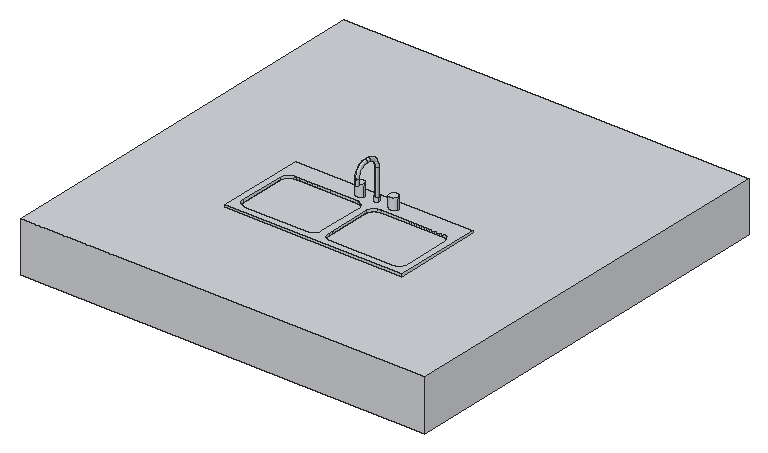
Revit family "06f654959f0248f48c4c020d814aede4", category Plumbing Fixtures, host Face, Revit 2021
Family settings
  Host = Face
  Round Connector Dimension = Use Radius
  Part Type = Normal
  OmniClass Number = 23.45.05.14.14
  OmniClass Title = Sinks/Lavatories
  Seek Item ID = Sink - Kitchen - Double-0000-USA-ENU
  Cut with Voids When Loaded = No
  Shared = No
  Room Calculation Point = No
Parameters (values of type "42"x21" - Public")
  Thickness = 0' - 0 1/4"
  Sink Width = 1' - 9"
  WFU = 2
  Sink Material = none
  Sanitary Radius = 3/4"
  Sink Length = 3' - 6"
  Hot Water Radius = 1/4"
  Hot Water Diameter = Hot Water Radius * 2  # 1/2"
  Half Sink Length = Sink Length / 2  # 1' - 9"
  HWFU = 3
  Flow Pressure [instance] = 8.00 psi
  Faucet Material = none
  Sanitary Diameter = Sanitary Radius * 2  # 1 1/2"
  Sink Depth = 0' - 8 1/8"
  Default Elevation = 0' - 0"
  Cold Water Radius = 1/4"
  Cold Water Diameter = Cold Water Radius * 2  # 1/2"
  CWFU = 3
  Assembly Code = ""
Types (2): name | HWFU | CWFU
  42"x21" - Private | 1 | 1
  42"x21" - Public | 3 | 3
Reference planes (in)
  plane 1 "Center (Front/Back)": y = 0
  plane 2: z = 0
  plane 3 "Center (Left/Right)": x = 0
  plane 4: x = -4
  plane 5: x = 4
  plane 6: y = -2.25
  plane 7: z = 10.375
  plane 8: z = -8.125
  plane 9: z = -8.5
  plane 10: y = -21
  plane 11: x = -21
  plane 12: x = 21
  plane 13: y = -2.25
  plane 14: y = -19.75
  plane 15: y = -19.5
  plane 16: y = -18
  plane 17: y = -4.25
  plane 18: y = -4.5
  plane 19: y = -12
  plane 20: x = -4
  plane 21: x = 4
  plane 22: y = -8.125
  plane 23: x = -19.75
  plane 24: x = 19.75
  plane 25: x = -0.5
  plane 26: x = 0.5
  plane 27: x = -0.75
  plane 28: x = 0.75
  plane 29: x = -2.25
  plane 30: x = 2.25
  plane 31: x = -19.5
  plane 32: x = -18
  plane 33: x = -10.125
  plane 34: x = 19.5
  plane 35: x = 18
  plane 36: x = 10.125
  plane 37: y = -6
Forms (in)
  Extrusion 1, solid
    sketch origin (0, 0, 0) x (1, 0, 0) y (0, 1, 0)
      loop
        line (-48, 48) -> (-48, -48) -> (48, -48) -> (48, 48) -> (-48, 48)
    from 0 to -12
  Extrusion 2, solid, material <- "Sink Material"
    sketch origin (-0.61769, -0.09234, -36) x (1, 0, 0) y (0, 1, 0)
      loop
        line (-20.38231, 0.09234) -> (-20.38231, -20.90766) -> (21.61769, -20.90766) -> (21.61769, 0.09234) -> (-20.38231, 0.09234)
      loop
        arc (-16.88231, -4.40766) -> (-18.29653, -4.99345) -> (-18.88231, -6.40766) r 2
        line (-18.88231, -6.40766) -> (-18.88231, -17.40766)
        arc (-18.88231, -17.40766) -> (-18.29653, -18.82187) -> (-16.88231, -19.40766) r 2
        line (-16.88231, -19.40766) -> (-2.13231, -19.40766)
        arc (-2.13231, -19.40766) -> (-0.7181, -18.82187) -> (-0.13231, -17.40766) r 2
        line (-0.13231, -17.40766) -> (-0.13231, -6.40766)
        arc (-0.13231, -6.40766) -> (-0.7181, -4.99345) -> (-2.13231, -4.40766) r 2
        line (-2.13231, -4.40766) -> (-16.88231, -4.40766)
      loop
        arc (18.11769, -19.40766) -> (19.5319, -18.82187) -> (20.11769, -17.40766) r 2
        line (20.11769, -17.40766) -> (20.11769, -6.40766)
        arc (20.11769, -6.40766) -> (19.5319, -4.99345) -> (18.11769, -4.40766) r 2
        line (18.11769, -4.40766) -> (3.36769, -4.40766)
        arc (3.36769, -4.40766) -> (1.95347, -4.99345) -> (1.36769, -6.40766) r 2
        line (1.36769, -6.40766) -> (1.36769, -17.40766)
        arc (1.36769, -17.40766) -> (1.95347, -18.82187) -> (3.36769, -19.40766) r 2
        line (3.36769, -19.40766) -> (18.11769, -19.40766)
    from 36 to 36.5
  Sweep 3, solid, material <- "Sink Material"
    path origin (-0.61769, -10.59234, -36) x (1, 0, 0) y (0, 1, 0)
      loop
        arc (-16.88231, 6.09234) -> (-18.29653, 5.50655) -> (-18.88231, 4.09234) r 2
        line (-18.88231, 4.09234) -> (-18.88231, -6.90766)
        arc (-18.88231, -6.90766) -> (-18.29653, -8.32187) -> (-16.88231, -8.90766) r 2
        line (-16.88231, -8.90766) -> (-2.13231, -8.90766)
        arc (-2.13231, -8.90766) -> (-0.7181, -8.32187) -> (-0.13231, -6.90766) r 2
        line (-0.13231, -6.90766) -> (-0.13231, 4.09234)
        arc (-0.13231, 4.09234) -> (-0.7181, 5.50655) -> (-2.13231, 6.09234) r 2
        line (-2.13231, 6.09234) -> (-16.88231, 6.09234)
    profile origin (-10.125, 0, 0) x (0, 1, 0) y (0, 0, 1)
      loop
        line (-4.5, 0) -> (-5.15095, -7.44037)
        arc (-5.15095, -7.44037) -> (-5.3914, -7.92796) -> (-5.89809, -8.125) r 0.75
        line (-5.89809, -8.125) -> (-6, -8.125) -> (-6, -8.5) -> (-4.25, -8.5) -> (-4.25, 0) -> (-4.5, 0)
  Extrusion 4, solid, material <- "Sink Material"
    sketch origin (-0.61769, -0.09234, -36) x (1, 0, 0) y (0, 1, 0)
      loop
        arc (-16.88231, -5.90766) -> (-17.23587, -6.05411) -> (-17.38231, -6.40766) r 0.5
        line (-17.38231, -6.40766) -> (-17.38231, -17.40766)
        arc (-17.38231, -17.40766) -> (-17.23587, -17.76121) -> (-16.88231, -17.90766) r 0.5
        line (-16.88231, -17.90766) -> (-2.13231, -17.90766)
        arc (-2.13231, -17.90766) -> (-1.77876, -17.76121) -> (-1.63231, -17.40766) r 0.5
        line (-1.63231, -17.40766) -> (-1.63231, -6.40766)
        arc (-1.63231, -6.40766) -> (-1.77876, -6.05411) -> (-2.13231, -5.90766) r 0.5
        line (-2.13231, -5.90766) -> (-16.88231, -5.90766)
      loop
        circle (-9.50731, -11.90766) r 1
    from 27.5 to 27.875
  Extrusion 5, solid, material <- "Faucet Material", detail levels fine
    sketch origin (-0.61769, -0.09234, -36) x (1, 0, 0) y (0, 1, 0)
      loop
        circle (-3.38231, -2.15766) r 1
      loop
        circle (4.61769, -2.15766) r 1
    from 36 to 39
  Sweep 6, solid, material <- "Faucet Material", detail levels fine
    path origin (0, -10.59234, -36) x (0, 1, 0) y (0, 0, 1)
      loop
        line (8.34234, 36.5) -> (8.34234, 43.875)
        arc (8.34234, 43.875) -> (7.61011, 45.64277) -> (5.84234, 46.375) r 2.5
        line (5.84234, 46.375) -> (4.96734, 46.375)
        arc (4.96734, 46.375) -> (3.19957, 45.64277) -> (2.46734, 43.875) r 2.5
        line (2.46734, 43.875) -> (2.46734, 42.5)
    profile origin (0.61769, 0, 4.1875) x (0, -1, 0) y (1, 0, 0)
      loop
        circle (2.25, -0.61769) r 0.375
  Extrusion 7, solid, material <- "Faucet Material", detail levels fine
    sketch origin (-0.61769, -10.59234, -36) x (1, 0, 0) y (0, 1, 0)
      loop
        circle (0.61769, 8.34234) r 0.5
    from 36.5 to 37.5
  Sweep 8, solid, material <- "Sink Material"
    path origin (0.61769, -10.59234, -36) x (-1, 0, 0) y (0, -1, 0)
      loop
        line (-16.88231, -6.09234) -> (-2.13231, -6.09234)
        arc (-2.13231, -6.09234) -> (-0.7181, -5.50655) -> (-0.13231, -4.09234) r 2
        line (-0.13231, -4.09234) -> (-0.13231, 6.90766)
        arc (-0.13231, 6.90766) -> (-0.7181, 8.32187) -> (-2.13231, 8.90766) r 2
        line (-2.13231, 8.90766) -> (-16.88231, 8.90766)
        arc (-16.88231, 8.90766) -> (-18.29653, 8.32187) -> (-18.88231, 6.90766) r 2
        line (-18.88231, 6.90766) -> (-18.88231, -4.09234)
        arc (-18.88231, -4.09234) -> (-18.29653, -5.50655) -> (-16.88231, -6.09234) r 2
    profile origin (10.125, 0, 0) x (0, -1, 0) y (0, 0, 1)
      loop
        line (4.5, 0) -> (4.25, 0) -> (4.25, -8.5) -> (6, -8.5) -> (6, -8.125) -> (5.89809, -8.125)
        arc (5.89809, -8.125) -> (5.3914, -7.92796) -> (5.15095, -7.44037) r 0.75
        line (5.15095, -7.44037) -> (4.5, 0)
  Extrusion 9, solid, material <- "Sink Material"
    sketch origin (-0.61769, -0.09234, -36) x (1, 0, 0) y (0, 1, 0)
      loop
        arc (3.36769, -5.90766) -> (3.01413, -6.05411) -> (2.86769, -6.40766) r 0.5
        line (2.86769, -6.40766) -> (2.86769, -17.40766)
        arc (2.86769, -17.40766) -> (3.01413, -17.76121) -> (3.36769, -17.90766) r 0.5
        line (3.36769, -17.90766) -> (18.11769, -17.90766)
        arc (18.11769, -17.90766) -> (18.47124, -17.76121) -> (18.61769, -17.40766) r 0.5
        line (18.61769, -17.40766) -> (18.61769, -6.40766)
        arc (18.61769, -6.40766) -> (18.47124, -6.05411) -> (18.11769, -5.90766) r 0.5
        line (18.11769, -5.90766) -> (3.36769, -5.90766)
      loop
        circle (10.74269, -11.90766) r 1
    from 27.5 to 27.875
  Extrusion 10, solid, material <- "Sink Material"
    sketch origin (0, 0, 0) x (1, 0, 0) y (0, 1, 0)
      loop
        circle (-10.125, -12) r 1
      loop
        circle (10.125, -12) r 1
    from -8.5 to -8.125
Cuts and joins
  joined: Extrusion 5, Sweep 6, Extrusion 7
Dimensions and locks (in)
  "Sink Depth": level to plane 8
  locked: plane 9 to plane 8 at 0.375
  "Half Sink Length": plane 11 to plane 3 "Center (Left/Right)"
  "Half Sink Length": plane 3 "Center (Left/Right)" to plane 12
  "Sink Width": plane 10 to plane 1 "Center (Front/Back)"
  locked: plane 13 to plane 1 "Center (Front/Back)" at 2.25
  "Thickness": plane 15 to plane 14
  locked: plane 16 to plane 15 at 1.5
  locked: plane 13 to plane 17 at 2
  "Thickness": plane 17 to plane 18
  locked: plane 14 to plane 10 at 1.25
  locked: plane 20 to plane 3 "Center (Left/Right)" at 4
  locked: plane 3 "Center (Left/Right)" to plane 21 at 4
  locked: plane 13 to plane 22 at 5.875
  locked: plane 11 to plane 23 at 1.25
  locked: plane 24 to plane 12 at 1.25
  locked: plane 25 to plane 3 "Center (Left/Right)" at 0.5
  locked: plane 3 "Center (Left/Right)" to plane 26 at 0.5
  "Thickness": plane 27 to plane 25
  "Thickness": plane 26 to plane 28
  locked: plane 29 to plane 27 at 1.5
  locked: plane 28 to plane 30 at 1.5
  locked: plane 31 to plane 32 at 1.5
  equal spacing: plane 32, plane 33, plane 29
  locked: plane 34 to plane 35 at 1.5
  equal spacing: plane 30, plane 36, plane 35
  "Thickness": plane 34 to plane 24
  locked: plane 18 to plane 37 at 1.5
  equal spacing: plane 37, plane 19, plane 16
  "Thickness": plane 23 to plane 31
  radius of Extrusion 10 sketch curve = 0' - 1"  (x2)
  radius of Extrusion 9 sketch curve = 0' - 1"  (x2)
  aligned and locked: plane 2 to Extrusion 1
  aligned and locked: level to Extrusion 1
  aligned and locked: Sweep 3 to Extrusion 4
  aligned and locked: Extrusion 7 to Extrusion 2
  aligned and locked: Extrusion 9 to Sweep 3
  aligned and locked: Extrusion 2 to Extrusion 5
  aligned and locked: plane 8 to Extrusion 4
  aligned and locked: plane 8 to Sweep 3
  aligned and locked: plane 8 to Extrusion 9
  aligned and locked: plane 8 to Sweep 8
  aligned and locked: Sweep 3 to plane 9  (x3)
  aligned and locked: plane 9 to Sweep 8  (x2)
  aligned and locked: Sweep 8 to plane 9
  aligned and locked: Extrusion 9 to plane 9
  aligned and locked: Extrusion 4 to plane 9
  aligned and locked: Sweep 3 sketch curve to plane 9
  aligned and locked: plane 8 to Sweep 3 sketch curve
  aligned and locked: Sweep 8 sketch curve to plane 9
  aligned and locked: plane 8 to Sweep 8 sketch curve
  aligned and locked: level to Sweep 3 sketch curve
  aligned and locked: level to Sweep 8 sketch curve
  aligned and locked: Extrusion 10 to plane 9
  aligned and locked: plane 8 to Extrusion 10
  aligned and locked: plane 1 "Center (Front/Back)" to Extrusion 2 sketch curve
  aligned and locked: Sweep 8 to Extrusion 9 sketch curve
  aligned and locked: Extrusion 9 sketch curve to Sweep 8
  aligned and locked: Extrusion 4 sketch curve to Sweep 3  (x2)
  aligned and locked: Extrusion 9 to Sweep 8  (x2)
  aligned and locked: Extrusion 4 to Sweep 3  (x2)
  aligned and locked: plane 10 to Extrusion 2 sketch curve
  aligned and locked: plane 12 to Extrusion 2 sketch curve
  aligned and locked: plane 11 to Extrusion 2 sketch curve
  aligned and locked: plane 31 to Extrusion 2 sketch curve
  aligned and locked: plane 15 to Extrusion 2 sketch curve  (x2)
  aligned and locked: Extrusion 2 sketch curve to plane 18  (x2)
  aligned and locked: Extrusion 2 sketch curve to plane 27
  aligned and locked: plane 28 to Extrusion 2 sketch curve
  aligned and locked: plane 34 to Extrusion 2 sketch curve
  aligned and locked: Sweep 3 sketch curve to plane 18
  aligned and locked: plane 31 to Sweep 3 sketch curve
  aligned and locked: plane 15 to Sweep 3 sketch curve
  aligned and locked: Sweep 3 sketch curve to plane 27
  aligned and locked: plane 18 to Sweep 8 sketch curve
  aligned and locked: Sweep 8 sketch curve to plane 34
  aligned and locked: Sweep 8 sketch curve to plane 15
  aligned and locked: plane 28 to Sweep 8 sketch curve
  aligned and locked: plane 35 to Extrusion 9 sketch curve
  aligned and locked: Extrusion 9 sketch curve to plane 30
  aligned and locked: plane 19 to Extrusion 9 sketch curve
  aligned and locked: plane 36 to Extrusion 9 sketch curve
  aligned and locked: plane 19 to Extrusion 10 sketch curve  (x2)
  aligned and locked: plane 36 to Extrusion 10 sketch curve
  aligned and locked: Extrusion 4 sketch curve to plane 29
  aligned and locked: plane 32 to Extrusion 4 sketch curve
  aligned and locked: plane 19 to Extrusion 4 sketch curve
  aligned and locked: plane 33 to Extrusion 4 sketch curve
  aligned and locked: plane 33 to Extrusion 10 sketch curve
  aligned and locked: plane 20 to Extrusion 5 sketch curve
  aligned and locked: plane 13 to Extrusion 5 sketch curve  (x2)
  aligned and locked: plane 21 to Extrusion 5 sketch curve
  aligned and locked: plane 13 to Extrusion 7 sketch curve
  aligned and locked: plane 3 "Center (Left/Right)" to Extrusion 7 sketch curve
  aligned and locked: Sweep 6 sketch curve to plane 13
  aligned and locked: plane 22 to Sweep 6 sketch curve
  aligned and locked: plane 17 to Sweep 3 sketch curve
  aligned and locked: Sweep 3 sketch curve to plane 37
  aligned and locked: plane 17 to Sweep 8 sketch curve
  aligned and locked: Sweep 8 sketch curve to plane 37
Automatic sketch dimensions
  Extrusion 2 sketch curve to Extrusion 2 sketch curve = 0' - 2"  (x3)
  Extrusion 2 sketch curve to Extrusion 2 sketch curve = 0' - 3 1/2"
  Extrusion 2 sketch curve to Extrusion 2 sketch curve = 0' - 0"
  plane 32 to Sweep 3 sketch curve = 0' - 0 1/2"  (x2)
  Sweep 3 sketch curve to plane 29 = 0' - 0 1/2"  (x2)
  Sweep 3 sketch curve to profile plane = 0' - 0"
  profile plane to Sweep 3 sketch curve = 0' - 0.65095"
  Sweep 3 sketch curve to Sweep 3 sketch curve = 0' - 0.10191"
  Sweep 3 sketch curve to Sweep 3 sketch curve = 0' - 0.68463"
  plane 32 to Extrusion 4 sketch curve = 0' - 0 1/2"  (x2)
  Extrusion 4 sketch curve to plane 33 = 0' - 1"
  Extrusion 4 sketch curve to plane 29 = 0' - 0 1/2"  (x2)
  Sweep 6 sketch curve to plane 7 = 0' - 0"
  Sweep 6 sketch curve to plane 18 = 0' - 1 1/8"
  Sweep 6 sketch curve to plane 18 = 0' - 0 1/4"
  Sweep 6 sketch curve to Sweep 6 sketch curve = 0' - 1 3/8"
  level to Sweep 6 sketch curve = 0' - 0 1/2"
  Sweep 6 sketch curve to Sweep 6 sketch curve = 0' - 0"  (x2)
  Sweep 6 sketch curve to profile plane = 0' - 0"
  profile plane to Sweep 6 sketch curve = 0' - 0 3/8"
  plane 35 to Sweep 8 sketch curve = 0' - 0 1/2"  (x2)
  Sweep 8 sketch curve to plane 30 = 0' - 0 1/2"  (x2)
  Sweep 8 sketch curve to profile plane = 0' - 0"
  Sweep 8 sketch curve to profile plane = 0' - 0.65095"
  Sweep 8 sketch curve to Sweep 8 sketch curve = 0' - 0.10191"
  Sweep 8 sketch curve to Sweep 8 sketch curve = 0' - 0.68463"
  Extrusion 9 sketch curve to plane 30 = 0' - 0 1/2"  (x2)
  plane 35 to Extrusion 9 sketch curve = 0' - 0 1/2"  (x2)
  Extrusion 2 sketch curve to plane 29 = 0' - 0 1/2"
  plane 16 to Extrusion 2 sketch curve = 0' - 0 1/2"
  Extrusion 2 sketch curve to plane 30 = 0' - 0 1/2"
  Extrusion 9 sketch curve to plane 19 = 0' - 0"
  Extrusion 5 sketch curve to Extrusion 5 sketch curve = 0' - 1"  (x2)
  Extrusion 7 sketch curve to Extrusion 7 sketch curve = 0' - 0 1/2"
  Extrusion 1 sketch curve to Extrusion 1 sketch curve = 8' - 0"  (x2)
Connectors (in)
  piping at (4, -2.25, 0), diameter 0.5, driven by "Hot Water Diameter", driven by "CWFU", driven by "Cold Water Radius", driven by "Flow Pressure"
    settings: on Extrusion 5, index 1, connector inside diameter 1/2", connector length 0' - 0", flow factor 0, pipe flow 0 GPM, pressure drop 8.00 psi, fitting loss kfactor 0, connector angle 0.00°, fixture units 3, engagement length 0' - 0", angle of deflection 0.00°, flow configuration 3, flow direction 1, fitting loss method 4, system type 20, joint type 0, gender type 0, connector reference index -1, connector utility 0, adjustable connector no, is connector primary yes, connector description "In"
  piping at (-4, -2.25, 0), diameter 0.5, driven by "Cold Water Diameter", driven by "HWFU", driven by "Hot Water Radius", driven by "Flow Pressure"
    settings: on Extrusion 5, index 2, connector inside diameter 1/2", connector length 0' - 0", flow factor 0, pipe flow 0 GPM, pressure drop 8.00 psi, fitting loss kfactor 0, connector angle 0.00°, fixture units 3, engagement length 0' - 0", angle of deflection 0.00°, flow configuration 3, flow direction 1, fitting loss method 4, system type 19, joint type 0, gender type 0, connector reference index -1, connector utility 0, adjustable connector no, is connector primary no, connector description "In"
  piping at (10.125, -12, -8.5), diameter 1.5, driven by "Sanitary Diameter", driven by "Sanitary Radius", driven by "WFU"
    settings: on Extrusion 9, index 3, connector inside diameter 1 1/2", connector length 0' - 0", flow factor 0, pipe flow 0 GPM, pressure drop 0.00 psi, fitting loss kfactor 0, connector angle 0.00°, fixture units 2, engagement length 0' - 0", angle of deflection 0.00°, flow configuration 3, flow direction 2, fitting loss method 0, system type 16, joint type 0, gender type 0, connector reference index -1, connector utility 0, adjustable connector no, is connector primary no, connector description "Out"
  piping at (-10.125, -12, -8.5), diameter 1.5, driven by "Sanitary Diameter", driven by "Sanitary Radius", driven by "WFU"
    settings: on Extrusion 4, index 4, connector inside diameter 1 1/2", connector length 0' - 0", flow factor 0, pipe flow 0 GPM, pressure drop 0.00 psi, fitting loss kfactor 0, connector angle 0.00°, fixture units 2, engagement length 0' - 0", angle of deflection 0.00°, flow configuration 3, flow direction 2, fitting loss method 0, system type 16, joint type 0, gender type 0, connector reference index -1, connector utility 0, adjustable connector no, is connector primary no, connector description "Out"
